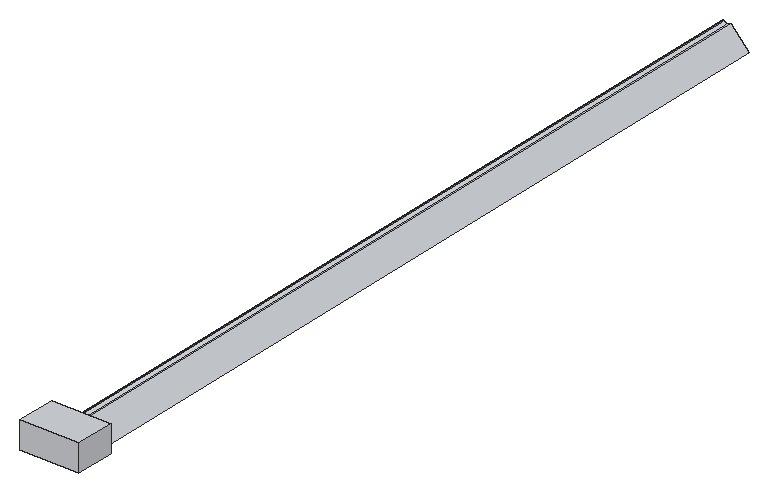
Revit family "V2 Box With 20' Tube Assembly", category Generic Models, Revit 2012
Parameters
  Voltage = 0 V
  URL = "www.DetroitRadiant.com"
  Top Clearance = 0' - 0"
  Stage = ""
  Side Clearances = 0' - 0"
  Weight = ""
  Recommended Mounting Height = ""
  Material = ""
  Manufacturer = "Detroit Radiant Products Company"
  Length = 0' - 0"
  Heat Gain (Low Fire) = 0.0 Btu/h
  Heat Gain (High Fire) = 0.0 Btu/h
  Gas Type = "N or LP"
  Frequency = 0 Hz
  Current = 0 A
  Below Clearance = 0' - 0"
  Back Clearance = 0' - 0"
  Apparent Power = 0 VA
Reference planes (in)
  plane 1 "Center (Front/Back)": y = 0
  plane 2: z = 0
  plane 3 "Center (Left/Right)": x = 0
Forms (in)
  Extrusion 1, solid
    sketch origin (0, 0, 0) x (1, 0, 0) y (0, 1, 0)
      loop
        line (3.788, 15.87804) -> (3.788, 3.87804) -> (21.788, 3.87804) -> (21.788, 15.87804) -> (3.788, 15.87804)
    from 0 to 8.10156
Lines and regions (in)
  model lines
    curve 1: line (3.788, 3.87804, 0) -> (21.788, 3.87804, 0)
    curve 2: line (21.788, 3.87804, 0) -> (21.788, 15.87804, 0)
    curve 3: line (21.788, 15.87804, 0) -> (3.788, 15.87804, 0)
    curve 4: line (3.788, 15.87804, 0) -> (3.788, 3.87804, 0)
Dimensions and locks (in)
  aligned and locked: plane 2 to level
Nested families (in)
  nested 1: "20' Tube" at (12.538, 274.87804, -0.80973), type "Infra-Red"
  nested 2: "10' Tube (Black)" at (-0.77297, 247.87804, 0.38558) x (0, -1, 0) z (0, 0, 1), type "10' Burner"
  nested 3: "10' Long Tube" at (-0.77297, 131.87804, 0.38558) x (0, -1, 0) z (0, 0, 1), type "10' Burner"
Definition of nested family "20' Tube"
  Parameters (values of type "Infra-Red")
    Weight = ""
    Voltage = 0 V
    URL = "www.DetroitRadiant.com"
    Top Clearance = 0' - 0"
    Stage = ""
    Side Clearances = 0' - 0"
    Recommended Mounting Height = ""
    Material = ""
    Manufacturer = "Detroit Radiant Products Company"
    Length = 0' - 0"
    Heat Gain (Low Fire) = 0.0 Btu/h
    Heat Gain (High Fire) = 0.0 Btu/h
    Gas Type = ""
    Frequency = 0 Hz
    Current = 0 A
    Below Clearance = 0' - 0"
    Back Clearance = 0' - 0"
    Apparent Power = 0 VA
  Reference planes (in)
    plane 1 "Center (Front/Back)": y = 0
    plane 2: z = 0
    plane 3 "Center (Left/Right)": x = 0
  Forms (in)
    Extrusion 1, solid
      sketch origin (0, -12, 0) x (1, 0, 0) y (0, 0, 1)
        loop
          line (-6.25, 1.1425) -> (-6, 1.1425) -> (-1.00787, 7.21737) -> (0.25, 6.625) -> (1.50787, 7.21737) -> (6.5, 1.1425) -> (6.75, 1.1425) -> (1.54, 7.4825) -> (0.25, 6.875) -> (-1.04, 7.4825) -> (-6.25, 1.1425)
      from 247 to 0
  Dimensions and locks (in)
    aligned and locked: plane 2 to level
Definition of nested family "10' Tube (Black)"
  Parameters (values of type "10' Burner")
    h = 0.0 Btu/h
    Tube = none
    Reflector = none
    Heating = 50000 VA  # 170607.1 Btu/h
    Hanger = none
  Reference planes (in)
    plane 1 "Center (Front/Back)": y = 0
    plane 2: z = 0
    plane 3 "Center (Left/Right)": x = 0
  Forms (in)
    Extrusion 1, solid, material "Default 3"
      sketch origin (96, 292.12195, 0) x (0, -1, 0) y (0, 0, 1)
        loop
          circle (278.56098, 1.61442) r 2
        loop
          circle (278.56098, 1.61442) r 1.80078
      from 107 to 0
    Extrusion 2, solid, material "Default 3"
      sketch origin (-15, -265, 0) x (0, 1, 0) y (0, 0, 1)
        loop
          circle (278.56098, 1.61442) r 1.60156
        loop
          circle (278.56098, 1.61442) r 1.80078
      from 4 to 0
  Lines and regions (in)
    model lines
      curve 1: circle (0, 13.56098, 1.61442) r 1.80078 normal (1, 0, 0)
      curve 2: circle (0, 13.56098, 1.61442) r 1.60156 normal (1, 0, 0)
  Dimensions and locks (in)
    aligned and locked: plane 2 to level
Definition of nested family "10' Long Tube"
  Parameters (values of type "Tube")
    h = 0.0 Btu/h
    Tube = none
    Reflector = none
    Heating = 50000 VA  # 170607.1 Btu/h
    Hanger = none
  Types (2): name
    10' Burner
    Tube
  Reference planes (in)
    plane 1 "Center (Front/Back)": y = 0
    plane 2: z = 0
    plane 3 "Center (Left/Right)": x = 0
  Forms (in)
    Extrusion 1, solid, material "Default 3"
      sketch origin (116, 292.12195, 0) x (0, -1, 0) y (0, 0, 1)
        loop
          circle (278.56098, 1.61442) r 2
        loop
          circle (278.56098, 1.61442) r 1.80078
      from 136 to 0
    Extrusion 2, solid, material "Default 3"
      sketch origin (-24, -265, 0) x (0, 1, 0) y (0, 0, 1)
        loop
          circle (278.56098, 1.61442) r 1.60156
        loop
          circle (278.56098, 1.61442) r 1.80078
      from 4 to 0
  Lines and regions (in)
    model lines
      curve 1: circle (0, 13.56098, 1.61442) r 1.80078 normal (1, 0, 0)
      curve 2: circle (0, 13.56098, 1.61442) r 1.60156 normal (1, 0, 0)
  Dimensions and locks (in)
    aligned and locked: plane 2 to level
